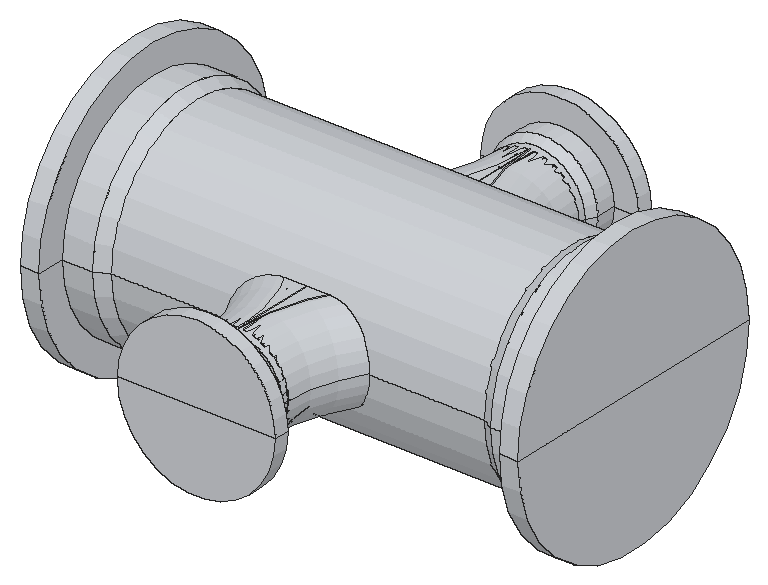
Revit family "f58319e4ca8744ceb0415428f8f20ec4", category Pipe Fittings, Revit 2021
Family settings
  Round Connector Dimension = Use Radius
  Part Type = Cross
  OmniClass Number = 23.60.30.11.14
  OmniClass Title = Pipework Fittings
  Seek Item ID = Tee - PVC - Sch 40-0000-USA-ENU
  Work Plane-Based = No
  Always vertical = Yes
  Cut with Voids When Loaded = No
  Shared = No
Parameters (values of type "Standard")
  Visibility 1 [instance] = and(Angle 1 = 90.00°, Angle 2 = 90.00°)  # yes
  Tick Size 3 [instance] = Fitting Outside Diameter 3 * 0.4  # 2.7600"
  Tick Size 2 [instance] = Fitting Outside Diameter 2 * 0.4  # 2.7600"
  Tick Size 1 [instance] = Fitting Outside Diameter 1 * 0.4  # 6.1200"
  Socket Outside Radius 3 [instance] = Socket Outside Diameter 3 / 2  # 3.8000"
  Socket Outside Radius 2 [instance] = Socket Outside Diameter 2 / 2  # 3.8000"
  Socket Outside Radius 1 [instance] = Socket Outside Diameter 1 / 2  # 8.0950"
  Socket Outside Diameter 3 [instance] = size_lookup(Lookup Table Name, "SOD", 1.08 * Nominal Diameter 3 + 1.1300", Nominal Diameter 3)  # 7.6000"
  Socket Outside Diameter 1 [instance] = size_lookup(Lookup Table Name, "SOD", 1.08 * Nominal Diameter 1 + 1.1300", Nominal Diameter 1)  # 16.1900"
  Socket Outside Diameter 2 [instance] = size_lookup(Lookup Table Name, "SOD", 1.08 * Nominal Diameter 2 + 1.1300", Nominal Diameter 2)  # 7.6000"
  Socket Depth 3 [instance] = if(Nominal Diameter 3 < 14.0000", 2.5000", if(Nominal Diameter 2 < 30.0000", 3.5000", 4.0000"))  # 2.5000"
  Socket Depth 2 [instance] = if(Nominal Diameter 2 < 14.0000", 2.5000", if(Nominal Diameter 2 < 30.0000", 3.5000", 4.0000"))  # 2.5000"
  Socket Depth 1 [instance] = if(Nominal Diameter 1 < 14.0000", 2.5000", if(Nominal Diameter 1 < 30.0000", 3.5000", 4.0000"))  # 3.5000"
  Nominal Radius 3 [instance] = 3.0000"
  Nominal Radius 2 [instance] = 3.0000"
  Nominal Diameter 3 [instance] = Nominal Radius 3 * 2  # 6.0000"
  Nominal Diameter 2 [instance] = Nominal Radius 2 * 2  # 6.0000"
  Min Nominal Diameter 23 [instance] = if(Nominal Diameter 2 < Nominal Diameter 3, Nominal Diameter 2, Nominal Diameter 3)  # 6.0000"
  Min Center to Socket Bottom 23 [instance] = if(Center to Socket Bottom 2 < Center to Socket Bottom 3, Center to Socket Bottom 2, Center to Socket Bottom 3)  # 14.0000"
  Max Nominal Diameter 23 [instance] = if(Nominal Diameter 2 > Nominal Diameter 3, Nominal Diameter 2, Nominal Diameter 3)  # 6.0000"
  Max Band Width 23 [instance] = if(Gland Width 2 > Gland Width 3, Gland Width 2, Gland Width 3)  # 1.0600"
  Lookup Table Name = "Cross Reducing - MJ - GI - Class 150"
  Length 2 [instance] = Socket Depth 3 + Bevel Length 3  # 3.2000"
  Length 1 [instance] = Socket Depth 2 + Bevel Length 2  # 3.2000"
  Fitting Outside Radius 3 [instance] = Fitting Outside Diameter 3 / 2  # 3.4500"
  Fitting Outside Radius 2 [instance] = Fitting Outside Diameter 2 / 2  # 3.4500"
  Fitting Outside Radius 1 [instance] = Fitting Outside Diameter 1 / 2  # 7.6500"
  Fitting Outside Diameter 3 [instance] = size_lookup(Lookup Table Name, "FOD", 1.04 * Nominal Diameter 3 + 0.7000", Nominal Diameter 3)  # 6.9000"
  Fitting Outside Diameter 2 [instance] = size_lookup(Lookup Table Name, "FOD", 1.04 * Nominal Diameter 2 + 0.7000", Nominal Diameter 2)  # 6.9000"
  Fitting Outside Diameter 1 [instance] = size_lookup(Lookup Table Name, "FOD", 1.04 * Nominal Diameter 1 + 0.7000", Nominal Diameter 1)  # 15.3000"
  Nominal Radius 1 [instance] = 7.0000"
  Nominal Diameter 1 [instance] = Nominal Radius 1 * 2  # 14.0000"
  Loss Method = Not Defined
  K Coefficient Table = (empty or 0)
  Default Elevation = 0.0000"
  Bevel Length 3 [instance] = size_lookup(Lookup Table Name, "BvLgt", 0.04 * Nominal Diameter 3 + 0.4300", Nominal Diameter 3)  # 0.7000"
  Bevel Length 2 Label [instance] = if(not(Angle 2 = 90.00°), Center to End 2 Label - Length 1, Bevel Length 2)  # 0.7000"
  Bevel Length 2 [instance] = size_lookup(Lookup Table Name, "BvLgt", 0.04 * Nominal Diameter 2 + 0.4300", Nominal Diameter 2)  # 0.7000"
  Bevel Length 1 [instance] = size_lookup(Lookup Table Name, "BvLgt", 0.04 * Nominal Diameter 1 + 0.4300", Nominal Diameter 1)  # 0.8900"
  Center to Socket Bottom 3 [instance] = size_lookup(Lookup Table Name, "CtSB2", 4.9600" + 0.58 * Nominal Diameter 1 + 0.05 * Nominal Diameter 3, Nominal Diameter 1, Nominal Diameter 3)  # 14.0000"
  Center to Socket Bottom 2 [instance] = size_lookup(Lookup Table Name, "CtSB2", 4.9600" + 0.58 * Nominal Diameter 1 + 0.05 * Nominal Diameter 2, Nominal Diameter 1, Nominal Diameter 2)  # 14.0000"
  Center to Socket Bottom 1 [instance] = size_lookup(Lookup Table Name, "CtSB1", 4.9800" + 0.33 * Nominal Diameter 1 + 0.33 * Max Nominal Diameter 23, Nominal Diameter 1, Max Nominal Diameter 23)  # 14.0000"
  Center to End 3 [instance] = Center to Socket Bottom 3 + Socket Depth 3  # 16.5000"
  Max Center to End 23 [instance] = if(Center to End 2 > Center to End 3, Center to End 2, Center to End 3)  # 16.5000"
  Center to End 2 Label [instance] = if((Max Center to End 23 - Max Band Width 23) * tan(Angle 5 / 2) > Gland Outside Radius 1, Max Center to End 23, Gland Outside Radius 1 / tan(Angle 5 / 2) + Max Band Width 23)  # 16.5000"
  Center to End 2 [instance] = Center to Socket Bottom 2 + Socket Depth 2  # 16.5000"
  Center to End 1 Label [instance] = if((Max Center to End 23 - Max Band Width 23) * tan(Angle 5 / 2) > Gland Outside Radius 1, Center to End 1, Gland Outside Radius 1 / tan(Angle 5 / 2) + Max Band Width 23)  # 17.5000"
  Center to End 1 [instance] = Center to Socket Bottom 1 + Socket Depth 1  # 17.5000"
  Center Radius Label [instance] = if(Min Center to Socket Bottom 23 - Center Radius - Bevel Length 2 < 0.5000", Min Center to Socket Bottom 23 - Bevel Length 2 - 0.5000", Center Radius)  # 12.8000"
  Center Radius [instance] = size_lookup(Lookup Table Name, "CRad", 4.4800" + 0.3 * Nominal Diameter 1 + 0.33 * Max Nominal Diameter 23, Nominal Diameter 1, Max Nominal Diameter 23)  # 13.1100"
  Gland Width 3 [instance] = size_lookup(Lookup Table Name, "GWid", 0.03 * Nominal Diameter 3 + 0.9400", Nominal Diameter 3)  # 1.0600"
  Gland Width 2 [instance] = size_lookup(Lookup Table Name, "GWid", 0.03 * Nominal Diameter 2 + 0.9400", Nominal Diameter 2)  # 1.0600"
  Gland Width 1 [instance] = size_lookup(Lookup Table Name, "GWid", 0.03 * Nominal Diameter 1 + 0.9400", Nominal Diameter 1)  # 1.3100"
  Gland Outside Radius 3 [instance] = Gland Outside Diameter 3 / 2  # 5.5600"
  Gland Outside Radius 2 [instance] = Gland Outside Diameter 2 / 2  # 5.5600"
  Gland Outside Radius 1 [instance] = Gland Outside Diameter 1 / 2  # 10.1250"
  Gland Outside Diameter 3 [instance] = size_lookup(Lookup Table Name, "GOD", 1.16 * Nominal Diameter 3 + 4.0300", Nominal Diameter 3)  # 11.1200"
  Gland Outside Diameter 2 [instance] = size_lookup(Lookup Table Name, "GOD", 1.16 * Nominal Diameter 2 + 4.0300", Nominal Diameter 2)  # 11.1200"
  Gland Outside Diameter 1 [instance] = size_lookup(Lookup Table Name, "GOD", 1.16 * Nominal Diameter 1 + 4.0300", Nominal Diameter 1)  # 20.2500"
  Angle 5 [instance] = if(tan(Angle 3 / 2) > tan(Angle 4 / 2), Angle 4, Angle 3)  # 90.00°
  Angle 4 [instance] = if(Angle 2 > 90.00°, 180.00° - Angle 2, Angle 2)  # 90.00°
  Angle 3 [instance] = if(Angle 1 > 90.00°, 180.00° - Angle 1, Angle 1)  # 90.00°
  Angle 2 [instance] = 90.00°
  Angle 1 [instance] = 90.00°
Reference planes (in)
  plane 1 "Center (Front/Back)": y = 0
  plane 2: z = 0
  plane 3 "Center (Left/Right)": x = 0
  plane 4: y = -14
  plane 5: y = 10.125
  plane 6: y = 8.095
  plane 7: y = 7.65
  plane 8: x = -17.5
  plane 9: x = -16.19
  plane 10: x = -13.11
  plane 11: x = -14
  plane 12: x = 17.5
  plane 13: x = 16.19
  plane 14: x = 13.11
  plane 15: x = 14
  plane 16: y = -13.3
  plane 17: y = -12.8
  plane 18: x = -12.8
  plane 19: x = 12.8
  plane 20: z = 3.45
  plane 21: z = -3.45
  plane 22: y = 6.12
  plane 23: y = -6.12
  plane 24: y = 14
  plane 25: y = 13.3
  plane 26: y = 12.8
  plane 27: y = 6.12
  plane 28: z = 3.45
  plane 29: z = -3.45
Forms (in)
  Revolve 1, solid, detail levels fine
    sketch origin (0, 0, 0) x (1, 0, 0) y (0, 1, 0)
      loop
        line (-17.5, 0) -> (17.5, 0) -> (17.5, 10.125) -> (16.19, 10.125) -> (16.19, 8.095) -> (14, 8.095) -> (13.11, 7.65) -> (-13.11, 7.65) -> (-14, 8.095) -> (-16.19, 8.095) -> (-16.19, 10.125) -> (-17.5, 10.125) -> (-17.5, 0)
      axis (-17.5, 0) -> (17.5, 0)
    angle from 0 to 360
  Sweep 2, solid, visible <- "Visibility 1", detail levels fine
    path origin (0, 0, 0) x (1, 0, 0) y (0, 1, 0)
      loop
        arc (-12.8, 0) -> (-3.74903, -3.74903) -> (0, -12.8) r 12.8
        line (0, -12.8) -> (0, -13.3)
    profile origin (0, -12.8, 0) x (1, 0, 0) y (0, 0, 1)
      loop
        circle (0, 0) r 3.45
  Sweep 3, solid, visible <- "Visibility 1", detail levels fine
    path origin (0, 0, 0) x (-1, 0, 0) y (0, 1, 0)
      loop
        arc (-12.8, 0) -> (-3.74903, -3.74903) -> (0, -12.8) r 12.8
        line (0, -12.8) -> (0, -13.3)
    profile origin (0, -12.8, 0) x (1, 0, 0) y (0, 0, 1)
      loop
        circle (0, 0) r 3.45
  Extrusion 4, solid, visible <- "Visibility 1", detail levels fine
    sketch origin (0, 0, 0) x (1, 0, 0) y (0, 1, 0)
      loop
        arc (0, -12.8) -> (3.74903, -3.74903) -> (12.8, 0) r 12.8
        line (12.8, 0) -> (-12.8, 0)
        arc (-12.8, 0) -> (-3.74903, -3.74903) -> (0, -12.8) r 12.8
    from -3.45 to 3.45
  Sweep 5, solid, visible <- "Visibility 1", detail levels fine
    path origin (0, 0, 0) x (-1, 0, 0) y (0, -1, 0)
      loop
        arc (-12.8, 0) -> (-3.74903, -3.74903) -> (0, -12.8) r 12.8
    profile origin (0, 12.8, 0) x (-1, 0, 0) y (0, 0, 1)
      loop
        circle (0, 0) r 3.45
  Extrusion 6, solid, visible <- "Visibility 1", detail levels fine
    sketch origin (0, 0, 0) x (1, 0, 0) y (0, 1, 0)
      loop
        arc (0, 12.8) -> (-3.74903, 3.74903) -> (-12.8, 0) r 12.8
        line (-12.8, 0) -> (12.8, 0)
        arc (12.8, 0) -> (3.74903, 3.74903) -> (0, 12.8) r 12.8
    from -3.45 to 3.45
  Sweep 7, solid, visible <- "Visibility 1", detail levels fine
    path origin (0, 0, 0) x (1, 0, 0) y (0, -1, 0)
      loop
        arc (-12.8, 0) -> (-3.74903, -3.74903) -> (0, -12.8) r 12.8
    profile origin (0, 12.8, 0) x (-1, 0, 0) y (0, 0, 1)
      loop
        circle (0, 0) r 3.45
  Revolve 8, solid, detail levels fine
    sketch origin (0, 0, 0) x (0, -1, 0) y (1, 0, 0)
      loop
        line (16.5, 0) -> (0, 0) -> (0, -3.45) -> (13.3, -3.45) -> (14, -3.8) -> (15.44, -3.8) -> (15.44, -5.56) -> (16.5, -5.56) -> (16.5, 0)
      axis (0, 0) -> (16.5, 0)
    angle from 0 to 360
  Revolve 9, solid, detail levels fine
    sketch origin (0, 0, 0) x (0, 1, 0) y (-1, 0, 0)
      loop
        line (16.5, 0) -> (16.5, 5.56) -> (15.44, 5.56) -> (15.44, 3.8) -> (14, 3.8) -> (13.3, 3.45) -> (0, 3.45) -> (0, 0) -> (16.5, 0)
      axis (0, 0) -> (16.5, 0)
    angle from 0 to 360
Lines and regions (in)
  model lines, detail levels coarse+medium
    curve 1: line (-17.5, 6.12, 0) -> (-17.5, -6.12, 0)
    curve 2: line (17.5, 6.12, 0) -> (17.5, -6.12, 0)
    curve 6: line (-2.76, -16.5, 0) -> (2.76, -16.5, 0)
    curve 8: line (-2.76, 16.5, 0) -> (2.76, 16.5, 0)
  model lines, style "PipeFitting", detail levels coarse+medium
    curve 3: line (-17.5, 0, 0) -> (17.5, 0, 0)
    curve 7: line (0, 0, 0) -> (0, -16.5, 0)
    curve 9: line (0, 0, 0) -> (0, 16.5, 0)
  reference lines, not visible
    curve 4: line (0, 0, 0) -> (0, -16.5, 0)
    curve 5: line (0, 0, 0) -> (0, 16.5, 0)
Dimensions and locks (in)
  "Center to Socket Bottom 2": plane 4 to plane 1 "Center (Front/Back)"
  "Fitting Outside Radius 1": plane 7 to plane 1 "Center (Front/Back)"
  "Socket Outside Radius 1": plane 6 to plane 1 "Center (Front/Back)"
  "Gland Outside Radius 1": plane 5 to plane 1 "Center (Front/Back)"
  "Gland Width 1": plane 8 to plane 9
  "Socket Depth 1": plane 8 to plane 11
  "Bevel Length 1": plane 11 to plane 10
  "Gland Width 1": plane 12 to plane 13
  "Socket Depth 1": plane 12 to plane 15
  "Bevel Length 1": plane 14 to plane 15
  "Bevel Length 2": plane 16 to plane 4
  "Center Radius Label": plane 1 "Center (Front/Back)" to plane 17
  "Center Radius Label": plane 18 to plane 3 "Center (Left/Right)"
  "Center Radius Label": plane 3 "Center (Left/Right)" to plane 19
  "Fitting Outside Radius 2": plane 20 to plane 2
  "Fitting Outside Radius 2": plane 21 to level
  "Tick Size 1": plane 1 "Center (Front/Back)" to plane 23
  "Tick Size 1": plane 22 to plane 1 "Center (Front/Back)"
  "Center to Socket Bottom 3": plane 24 to plane 1 "Center (Front/Back)"
  "Bevel Length 3": plane 25 to plane 24
  "Center Radius Label": plane 1 "Center (Front/Back)" to plane 26
  "Tick Size 1": plane 1 "Center (Front/Back)" to plane 27
  "Fitting Outside Radius 3": plane 2 to plane 29
  "Fitting Outside Radius 3": plane 28 to plane 2
  "Center to End 1 Label": plane 8 to plane 3 "Center (Left/Right)"
  "Center to End 1 Label": plane 3 "Center (Left/Right)" to plane 12
  "Center to End 2 Label": curve 4 to curve 4
  "Center to End 2 Label": curve 5 to curve 5
  "Tick Size 2": curve 6 to curve 4
  "Tick Size 2": curve 4 to curve 6
  "Center to End 2 Label": curve 7 to curve 7
  "Center to End 2 Label": Revolve 8 sketch curve to Revolve 8 sketch curve
  "Gland Outside Radius 2": Revolve 8 sketch curve to Revolve 8 sketch curve
  "Socket Outside Radius 2": Revolve 8 sketch curve to Revolve 8 sketch curve
  "Gland Width 2": Revolve 8 sketch curve to Revolve 8 sketch curve
  "Socket Depth 2": Revolve 8 sketch curve to Revolve 8 sketch curve
  "Fitting Outside Radius 2": Revolve 8 sketch curve to Revolve 8 sketch curve
  "Length 1": Revolve 8 sketch curve to Revolve 8 sketch curve
  "Tick Size 3": curve 8 to curve 5
  "Tick Size 3": curve 5 to curve 8
  "Center to End 2 Label": curve 9 to curve 9
  "Center to End 2 Label": Revolve 9 sketch curve to Revolve 9 sketch curve
  "Socket Outside Radius 3": Revolve 9 sketch curve to Revolve 9 sketch curve
  "Gland Outside Radius 3": Revolve 9 sketch curve to Revolve 9 sketch curve
  "Fitting Outside Radius 3": Revolve 9 sketch curve to Revolve 9 sketch curve
  "Gland Width 3": Revolve 9 sketch curve to Revolve 9 sketch curve
  "Socket Depth 3": Revolve 9 sketch curve to Revolve 9 sketch curve
  "Length 2": Revolve 9 sketch curve to Revolve 9 sketch curve
  "Center Radius Label": radius of Sweep 2 sketch curve
  "Fitting Outside Radius 2": radius of Sweep 2 sketch curve
  "Center Radius Label": radius of Sweep 3 sketch curve
  "Fitting Outside Radius 2": radius of Sweep 3 sketch curve
  "Center Radius Label": radius of Extrusion 4 sketch curve  (x2)
  "Center Radius Label": radius of Sweep 5 sketch curve
  "Fitting Outside Radius 3": radius of Sweep 5 sketch curve
  "Center Radius Label": radius of Extrusion 6 sketch curve  (x2)
  "Center Radius Label": radius of Sweep 7 sketch curve
  "Fitting Outside Radius 3": radius of Sweep 7 sketch curve
  "Angle 1": angle curve 4 to plane 1 "Center (Front/Back)"
  "Angle 2": angle plane 1 "Center (Front/Back)" to curve 5
  locked: curve 4 to curve 6 (angle 90.00°)
  "Angle 1": angle curve 7 to plane 1 "Center (Front/Back)"
  "Angle 1": angle Revolve 8 sketch curve to plane 1 "Center (Front/Back)"
  locked: curve 5 to curve 8 (angle 90.00°)
  "Angle 2": angle plane 1 "Center (Front/Back)" to curve 9
  "Angle 2": angle plane 1 "Center (Front/Back)" to Revolve 9 sketch curve
  aligned and locked: plane 1 "Center (Front/Back)" to Revolve 1 sketch curve
  aligned and locked: plane 8 to Revolve 1 sketch curve
  aligned and locked: Revolve 1 sketch curve to plane 5  (x2)
  aligned and locked: Revolve 1 sketch curve to plane 7
  aligned and locked: Revolve 1 sketch curve to plane 6  (x2)
  aligned and locked: plane 13 to Revolve 1 sketch curve
  aligned and locked: Revolve 1 sketch curve to plane 12
  aligned and locked: Revolve 1 sketch curve to plane 9
  aligned and locked: Revolve 1 sketch curve to Revolve 1 sketch curve
  aligned and locked: plane 11 to Revolve 1 sketch curve
  aligned and locked: plane 10 to Revolve 1 sketch curve
  aligned and locked: Revolve 1 sketch curve to plane 14
  aligned and locked: Revolve 1 sketch curve to plane 15
  aligned and locked: plane 17 to Sweep 2 sketch curve
  aligned and locked: plane 18 to Sweep 2 sketch curve
  aligned and locked: plane 19 to Sweep 3 sketch curve
  aligned and locked: plane 17 to Sweep 3 sketch curve
  aligned and locked: plane 18 to Extrusion 4 sketch curve  (x2)
  aligned and locked: plane 17 to Extrusion 4 sketch curve  (x3)
  aligned and locked: plane 19 to Extrusion 4 sketch curve  (x2)
  aligned and locked: plane 1 "Center (Front/Back)" to Extrusion 4 sketch curve
  aligned and locked: plane 21 to Extrusion 4
  aligned and locked: plane 20 to Extrusion 4
  aligned and locked: plane 23 to curve 2
  aligned and locked: plane 22 to curve 2
  aligned and locked: curve 2 to plane 12
  aligned and locked: plane 23 to curve 1
  aligned and locked: plane 22 to curve 1
  aligned and locked: curve 1 to plane 8
  aligned and locked: plane 1 "Center (Front/Back)" to curve 3
  aligned and locked: plane 8 to curve 3
  aligned and locked: plane 12 to curve 3
  aligned and locked: plane 29 to Extrusion 6
  aligned and locked: plane 28 to Extrusion 6
  aligned and locked: plane 16 to Sweep 2 sketch curve
  aligned and locked: plane 3 "Center (Left/Right)" to curve 5
  aligned and locked: plane 1 "Center (Front/Back)" to curve 5
  aligned and locked: curve 6 to curve 4
  aligned and locked: plane 3 "Center (Left/Right)" to curve 7
  aligned and locked: plane 1 "Center (Front/Back)" to curve 7
  aligned and locked: plane 3 "Center (Left/Right)" to Revolve 8 sketch curve
  aligned and locked: plane 1 "Center (Front/Back)" to Revolve 8 sketch curve
  aligned and locked: Revolve 8 sketch curve to Revolve 8 sketch curve  (x3)
  aligned and locked: curve 8 to curve 5
  aligned and locked: plane 3 "Center (Left/Right)" to curve 9
  aligned and locked: plane 3 "Center (Left/Right)" to Revolve 9 sketch curve
  aligned and locked: plane 1 "Center (Front/Back)" to Revolve 9 sketch curve
  aligned and locked: Revolve 9 sketch curve to Revolve 9 sketch curve  (x3)
  aligned and locked: plane 16 to Sweep 3 sketch curve
Automatic sketch dimensions
  Revolve 1 sketch curve to plane 8 = 1.01143"
  Revolve 1 sketch curve to plane 12 = 1.76143"
  Sweep 2 sketch curve to level = 0.0000"
  profile plane to Sweep 2 sketch curve = 0.0000"
  Sweep 3 sketch curve to level = 0.0000"
  profile plane to Sweep 3 sketch curve = 0.0000"
  Sweep 5 sketch curve to level = 0.0000"
  Sweep 5 sketch curve to profile plane = 0.0000"
  plane 1 "Center (Front/Back)" to Extrusion 6 sketch curve = 0.0000"
  Extrusion 6 sketch curve to plane 18 = 0.0000"
  Extrusion 6 sketch curve to plane 3 "Center (Left/Right)" = 0.0000"
  Sweep 7 sketch curve to level = 0.0000"
  Sweep 7 sketch curve to profile plane = 0.0000"
  plane 1 "Center (Front/Back)" to Sweep 7 sketch curve = 0.0000"
  plane 1 "Center (Front/Back)" to Sweep 5 sketch curve = 0.0000"
  Sweep 5 sketch curve to plane 19 = 0.0000"
  Sweep 7 sketch curve to plane 18 = 0.0000"
Connectors (in)
  piping at (-17.5, 0, 0), diameter 14, driven by "Nominal Radius 1"
    settings: on Revolve 1, index 1, connector inside diameter 14.0000", connector length 0.0000", flow factor 0, pipe flow 0 GPM, pressure drop 0.00 psi, fitting loss kfactor 0, connector angle 0.00°, fixture units 0, engagement length 0.0000", angle of deflection 0.00°, flow configuration 0, flow direction 0, fitting loss method 0, system type 28, joint type 0, gender type 0, connector reference index 2, connector utility 0, adjustable connector no, is connector primary yes, connector description ""
  piping at (17.5, 0, 0), diameter 14, driven by "Nominal Radius 1"
    settings: on Revolve 1, index 2, connector inside diameter 14.0000", connector length 0.0000", flow factor 0, pipe flow 0 GPM, pressure drop 0.00 psi, fitting loss kfactor 0, connector angle 0.00°, fixture units 0, engagement length 0.0000", angle of deflection 0.00°, flow configuration 0, flow direction 0, fitting loss method 0, system type 28, joint type 0, gender type 0, connector reference index 1, connector utility 0, adjustable connector no, is connector primary no, connector description ""
  piping at (0, -16.5, 0), diameter 6, driven by "Angle 1", driven by "Nominal Radius 2"
    settings: on Revolve 8, index 3, connector inside diameter 6.0000", connector length 0.0000", flow factor 0, pipe flow 0 GPM, pressure drop 0.00 psi, fitting loss kfactor 0, connector angle 90.00°, fixture units 0, engagement length 0.0000", angle of deflection 0.00°, flow configuration 0, flow direction 0, fitting loss method 0, system type 28, joint type 0, gender type 0, connector reference index 4, connector utility 0, adjustable connector no, is connector primary no, connector description ""
  piping at (0, 16.5, 0), diameter 6, driven by "Angle 2", driven by "Nominal Radius 3"
    settings: on Revolve 9, index 4, connector inside diameter 6.0000", connector length 0.0000", flow factor 0, pipe flow 0 GPM, pressure drop 0.00 psi, fitting loss kfactor 0, connector angle 90.00°, fixture units 0, engagement length 0.0000", angle of deflection 0.00°, flow configuration 0, flow direction 0, fitting loss method 0, system type 28, joint type 0, gender type 0, connector reference index 3, connector utility 0, adjustable connector no, is connector primary no, connector description ""
